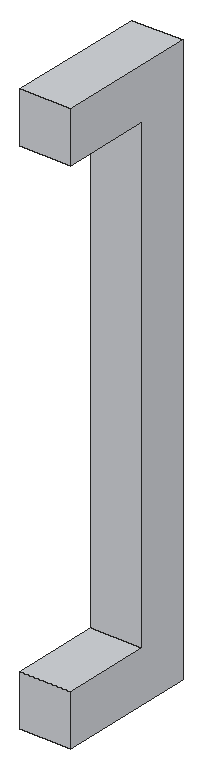
Revit family "DSQ06H 225", category Specialty Equipment, Revit 2012
Parameters
  Type Comments = "DORMA DSQ06H/225"
  Model = "DSQ06H/225"
  Manufacturer = "DORMA"
  Description = "DORMA DSQ06H/225"
Reference planes
  plane 1 "Center (Front/Back)": y = 0
  plane 2: z = 0
  plane 3 "Center (Left/Right)": x = 0
Forms (mm)
  Sweep 1, solid
    path origin (0, 0, 0) x (0, 1, 0) y (0, 0, 1)
      loop
        line (0, 0) -> (55, 0) -> (55, 225) -> (0, 225)
    profile origin (0, 27.5, 0) x (0, 0, 1) y (1, 0, 0)
      loop
        line (0, -10) -> (20, -10) -> (20, 10) -> (0, 10) -> (0, -10)
Dimensions and locks
  aligned and locked: level to plane 2
